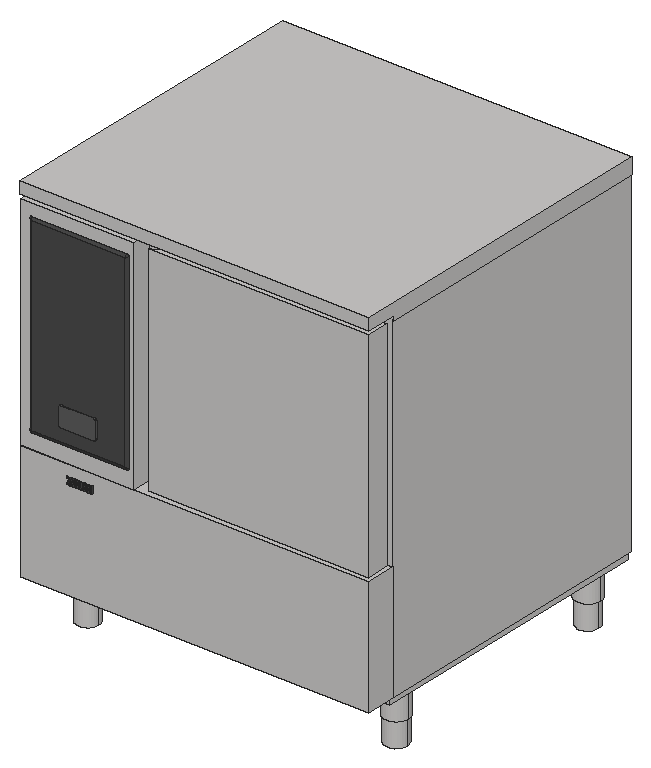
Revit family "QF_ZANUSSI_110544_ZBFA61TE", category Specialty Equipment, Revit 2018 (continued)
Automatic sketch dimensions
  Split face 64 sketch curve to Split face 64 sketch curve = 110.015 mm
  Split face 64 sketch curve to Extrusion 7 = 135.555 mm
  Split face 64 sketch curve to Split face 64 sketch curve = 5.027 mm
  Split face 65 sketch curve to Extrusion 7 = 262.581 mm
  Split face 65 sketch curve to Split face 65 sketch curve = 110.015 mm
  Split face 65 sketch curve to Extrusion 7 = 145.027 mm
  Split face 65 sketch curve to Split face 65 sketch curve = 5.027 mm
  Split face 66 sketch curve to Extrusion 7 = 262.581 mm
  Split face 66 sketch curve to Split face 66 sketch curve = 110.015 mm
  Split face 66 sketch curve to Extrusion 7 = 147.48 mm
  Split face 66 sketch curve to Split face 66 sketch curve = 5.027 mm
  Split face 67 sketch curve to Extrusion 7 = 262.581 mm
  Split face 67 sketch curve to Split face 67 sketch curve = 110.015 mm
  Split face 67 sketch curve to Extrusion 7 = 138.008 mm
  Split face 67 sketch curve to Split face 67 sketch curve = 5.027 mm
  Split face 68 sketch curve to Extrusion 7 = 128.536 mm
  Split face 68 sketch curve to Extrusion 7 = 262.581 mm
  Split face 68 sketch curve to Split face 68 sketch curve = 110.015 mm
  Split face 68 sketch curve to Split face 68 sketch curve = 5.027 mm
  Split face 69 sketch curve to Extrusion 7 = 119.064 mm
  Split face 69 sketch curve to Extrusion 7 = 262.581 mm
  Split face 69 sketch curve to Split face 69 sketch curve = 110.015 mm
  Split face 69 sketch curve to Split face 69 sketch curve = 5.027 mm
  Split face 70 sketch curve to Extrusion 7 = 109.592 mm
  Split face 70 sketch curve to Extrusion 7 = 262.581 mm
  Split face 70 sketch curve to Split face 70 sketch curve = 110.015 mm
  Split face 70 sketch curve to Split face 70 sketch curve = 5.027 mm
  Split face 71 sketch curve to Extrusion 7 = 100.119 mm
  Split face 71 sketch curve to Extrusion 7 = 262.581 mm
  Split face 71 sketch curve to Split face 71 sketch curve = 110.015 mm
  Split face 71 sketch curve to Split face 71 sketch curve = 5.027 mm
  Split face 72 sketch curve to Extrusion 7 = 90.647 mm
  Split face 72 sketch curve to Extrusion 7 = 262.581 mm
  Split face 72 sketch curve to Split face 72 sketch curve = 110.015 mm
  Split face 72 sketch curve to Split face 72 sketch curve = 5.027 mm
  Split face 73 sketch curve to Extrusion 7 = 81.175 mm
  Split face 73 sketch curve to Extrusion 7 = 262.581 mm
  Split face 73 sketch curve to Split face 73 sketch curve = 110.015 mm
  Split face 73 sketch curve to Split face 73 sketch curve = 5.027 mm
  Split face 74 sketch curve to Extrusion 7 = 71.703 mm
  Split face 74 sketch curve to Extrusion 7 = 262.581 mm
  Split face 74 sketch curve to Split face 74 sketch curve = 110.015 mm
  Split face 74 sketch curve to Split face 74 sketch curve = 5.027 mm
  Split face 75 sketch curve to Extrusion 7 = 62.231 mm
  Split face 75 sketch curve to Extrusion 7 = 262.581 mm
  Split face 75 sketch curve to Split face 75 sketch curve = 110.015 mm
  Split face 75 sketch curve to Split face 75 sketch curve = 5.027 mm
  Split face 76 sketch curve to Extrusion 7 = 52.758 mm
  Split face 76 sketch curve to Extrusion 7 = 262.581 mm
  Split face 76 sketch curve to Extrusion 7 = 47.731 mm
  Split face 76 sketch curve to Split face 76 sketch curve = 110.015 mm
  Split face 77 sketch curve to Extrusion 7 = 43.286 mm
  Split face 77 sketch curve to Extrusion 7 = 262.581 mm
  Split face 77 sketch curve to Extrusion 7 = 38.259 mm
  Split face 77 sketch curve to Split face 77 sketch curve = 110.015 mm
  Split face 78 sketch curve to Extrusion 7 = 33.814 mm
  Split face 78 sketch curve to Extrusion 7 = 262.581 mm
  Split face 78 sketch curve to Extrusion 7 = 28.787 mm
  Split face 78 sketch curve to Split face 78 sketch curve = 110.015 mm
  Split face 79 sketch curve to Extrusion 7 = 31.361 mm
  Split face 79 sketch curve to Extrusion 7 = 147.565 mm
  Split face 79 sketch curve to Extrusion 7 = 36.388 mm
  Split face 79 sketch curve to Split face 79 sketch curve = 110.015 mm
  Split face 80 sketch curve to Extrusion 7 = 40.833 mm
  Split face 80 sketch curve to Extrusion 7 = 147.565 mm
  Split face 80 sketch curve to Extrusion 7 = 45.86 mm
  Split face 80 sketch curve to Split face 80 sketch curve = 110.015 mm
  Split face 81 sketch curve to Extrusion 7 = 50.305 mm
  Split face 81 sketch curve to Extrusion 7 = 147.565 mm
  Split face 81 sketch curve to Split face 81 sketch curve = 110.015 mm
  Split face 81 sketch curve to Split face 81 sketch curve = 5.027 mm
  Split face 82 sketch curve to Extrusion 7 = 59.777 mm
  Split face 82 sketch curve to Extrusion 7 = 147.565 mm
  Split face 82 sketch curve to Split face 82 sketch curve = 110.015 mm
  Split face 82 sketch curve to Split face 82 sketch curve = 5.027 mm
  Split face 83 sketch curve to Extrusion 7 = 69.25 mm
  Split face 83 sketch curve to Extrusion 7 = 147.565 mm
  Split face 83 sketch curve to Split face 83 sketch curve = 110.015 mm
  Split face 83 sketch curve to Split face 83 sketch curve = 5.027 mm
  Split face 84 sketch curve to Extrusion 7 = 147.565 mm
  Split face 84 sketch curve to Split face 84 sketch curve = 110.015 mm
  Split face 84 sketch curve to Extrusion 7 = 78.722 mm
  Split face 84 sketch curve to Split face 84 sketch curve = 5.027 mm
  Split face 85 sketch curve to Extrusion 7 = 147.565 mm
  Split face 85 sketch curve to Split face 85 sketch curve = 110.015 mm
  Split face 85 sketch curve to Extrusion 7 = 88.194 mm
  Split face 85 sketch curve to Split face 85 sketch curve = 5.027 mm
  Split face 86 sketch curve to Extrusion 7 = 147.565 mm
  Split face 86 sketch curve to Split face 86 sketch curve = 110.015 mm
  Split face 86 sketch curve to Extrusion 7 = 97.666 mm
  Split face 86 sketch curve to Split face 86 sketch curve = 5.027 mm
  Split face 87 sketch curve to Extrusion 7 = 147.565 mm
  Split face 87 sketch curve to Split face 87 sketch curve = 110.015 mm
  Split face 87 sketch curve to Extrusion 7 = 107.138 mm
  Split face 87 sketch curve to Split face 87 sketch curve = 5.027 mm
  Split face 88 sketch curve to Extrusion 7 = 147.565 mm
  Split face 88 sketch curve to Split face 88 sketch curve = 110.015 mm
  Split face 88 sketch curve to Extrusion 7 = 116.611 mm
  Split face 88 sketch curve to Split face 88 sketch curve = 5.027 mm
  Split face 89 sketch curve to Extrusion 7 = 147.565 mm
  Split face 89 sketch curve to Split face 89 sketch curve = 110.015 mm
  Split face 89 sketch curve to Extrusion 7 = 126.083 mm
  Split face 89 sketch curve to Split face 89 sketch curve = 5.027 mm
  Split face 90 sketch curve to Extrusion 7 = 147.565 mm
  Split face 90 sketch curve to Split face 90 sketch curve = 110.015 mm
  Split face 90 sketch curve to Extrusion 7 = 135.555 mm
  Split face 90 sketch curve to Split face 90 sketch curve = 5.027 mm
  Split face 91 sketch curve to Extrusion 7 = 147.565 mm
  Split face 91 sketch curve to Split face 91 sketch curve = 110.015 mm
  Split face 91 sketch curve to Extrusion 7 = 145.027 mm
  Split face 91 sketch curve to Split face 91 sketch curve = 5.027 mm
  Split face 92 sketch curve to Extrusion 7 = 147.565 mm
  Split face 92 sketch curve to Split face 92 sketch curve = 110.015 mm
  Split face 92 sketch curve to Extrusion 7 = 147.48 mm
  Split face 92 sketch curve to Split face 92 sketch curve = 5.027 mm
  Split face 93 sketch curve to Extrusion 7 = 147.565 mm
  Split face 93 sketch curve to Split face 93 sketch curve = 110.015 mm
  Split face 93 sketch curve to Extrusion 7 = 138.008 mm
  Split face 93 sketch curve to Split face 93 sketch curve = 5.027 mm
  Split face 94 sketch curve to Extrusion 7 = 147.565 mm
  Split face 94 sketch curve to Split face 94 sketch curve = 110.015 mm
  Split face 94 sketch curve to Extrusion 7 = 128.536 mm
  Split face 94 sketch curve to Split face 94 sketch curve = 5.027 mm
  Split face 95 sketch curve to Extrusion 7 = 147.565 mm
  Split face 95 sketch curve to Split face 95 sketch curve = 110.015 mm
  Split face 95 sketch curve to Extrusion 7 = 119.064 mm
  Split face 95 sketch curve to Split face 95 sketch curve = 5.027 mm
  Split face 96 sketch curve to Extrusion 7 = 147.565 mm
  Split face 96 sketch curve to Split face 96 sketch curve = 110.015 mm
  Split face 96 sketch curve to Extrusion 7 = 109.592 mm
  Split face 96 sketch curve to Split face 96 sketch curve = 5.027 mm
  Split face 97 sketch curve to Extrusion 7 = 147.565 mm
  Split face 97 sketch curve to Split face 97 sketch curve = 110.015 mm
  Split face 97 sketch curve to Extrusion 7 = 100.119 mm
  Split face 97 sketch curve to Split face 97 sketch curve = 5.027 mm
  Split face 98 sketch curve to Extrusion 7 = 147.565 mm
  Split face 98 sketch curve to Split face 98 sketch curve = 110.015 mm
  Split face 98 sketch curve to Extrusion 7 = 90.647 mm
  Split face 98 sketch curve to Split face 98 sketch curve = 5.027 mm
  Split face 99 sketch curve to Extrusion 7 = 147.565 mm
  Split face 99 sketch curve to Split face 99 sketch curve = 110.015 mm
  Split face 99 sketch curve to Extrusion 7 = 81.175 mm
  Split face 99 sketch curve to Split face 99 sketch curve = 5.027 mm
  Split face 100 sketch curve to Extrusion 7 = 71.703 mm
  Split face 100 sketch curve to Extrusion 7 = 147.565 mm
  Split face 100 sketch curve to Split face 100 sketch curve = 110.015 mm
  Split face 100 sketch curve to Split face 100 sketch curve = 5.027 mm
  Split face 101 sketch curve to Extrusion 7 = 62.231 mm
  Split face 101 sketch curve to Extrusion 7 = 147.565 mm
  Split face 101 sketch curve to Split face 101 sketch curve = 110.015 mm
  Split face 101 sketch curve to Split face 101 sketch curve = 5.027 mm
  Split face 102 sketch curve to Extrusion 7 = 52.758 mm
  Split face 102 sketch curve to Extrusion 7 = 147.565 mm
  Split face 102 sketch curve to Extrusion 7 = 47.731 mm
  Split face 102 sketch curve to Split face 102 sketch curve = 110.015 mm
  Split face 103 sketch curve to Extrusion 7 = 43.286 mm
  Split face 103 sketch curve to Extrusion 7 = 147.565 mm
  Split face 103 sketch curve to Extrusion 7 = 38.259 mm
  Split face 103 sketch curve to Split face 103 sketch curve = 110.015 mm
  Split face 104 sketch curve to Extrusion 7 = 33.814 mm
  Split face 104 sketch curve to Extrusion 7 = 147.565 mm
  Split face 104 sketch curve to Extrusion 7 = 28.787 mm
  Split face 104 sketch curve to Split face 104 sketch curve = 110.015 mm
  Split face 105 sketch curve to Extrusion 7 = 32.55 mm
  Split face 105 sketch curve to Extrusion 7 = 36.388 mm
  Split face 105 sketch curve to Split face 105 sketch curve = 110.015 mm
  Split face 105 sketch curve to Split face 105 sketch curve = 5.027 mm
  Split face 106 sketch curve to Extrusion 7 = 32.55 mm
  Split face 106 sketch curve to Extrusion 7 = 45.86 mm
  Split face 106 sketch curve to Split face 106 sketch curve = 110.015 mm
  Split face 106 sketch curve to Split face 106 sketch curve = 5.027 mm
  Split face 107 sketch curve to Extrusion 7 = 32.55 mm
  Split face 107 sketch curve to Split face 107 sketch curve = 110.015 mm
  Split face 107 sketch curve to Extrusion 7 = 50.305 mm
  Split face 107 sketch curve to Split face 107 sketch curve = 5.027 mm
  Split face 108 sketch curve to Extrusion 7 = 32.55 mm
  Split face 108 sketch curve to Split face 108 sketch curve = 110.015 mm
  Split face 108 sketch curve to Extrusion 7 = 59.777 mm
  Split face 108 sketch curve to Split face 108 sketch curve = 5.027 mm
  Split face 109 sketch curve to Extrusion 7 = 32.55 mm
  Split face 109 sketch curve to Split face 109 sketch curve = 110.015 mm
  Split face 109 sketch curve to Extrusion 7 = 69.25 mm
  Split face 109 sketch curve to Split face 109 sketch curve = 5.027 mm
  Split face 110 sketch curve to Extrusion 7 = 32.55 mm
  Split face 110 sketch curve to Split face 110 sketch curve = 110.015 mm
  Split face 110 sketch curve to Extrusion 7 = 78.722 mm
  Split face 110 sketch curve to Split face 110 sketch curve = 5.027 mm
  Split face 111 sketch curve to Extrusion 7 = 32.55 mm
  Split face 111 sketch curve to Split face 111 sketch curve = 110.015 mm
  Split face 111 sketch curve to Extrusion 7 = 88.194 mm
  Split face 111 sketch curve to Split face 111 sketch curve = 5.027 mm
  Split face 112 sketch curve to Extrusion 7 = 32.55 mm
  Split face 112 sketch curve to Split face 112 sketch curve = 110.015 mm
  Split face 112 sketch curve to Extrusion 7 = 97.666 mm
  Split face 112 sketch curve to Split face 112 sketch curve = 5.027 mm
  Split face 113 sketch curve to Extrusion 7 = 32.55 mm
  Split face 113 sketch curve to Split face 113 sketch curve = 110.015 mm
  Split face 113 sketch curve to Extrusion 7 = 107.138 mm
  Split face 113 sketch curve to Split face 113 sketch curve = 5.027 mm
  Split face 114 sketch curve to Extrusion 7 = 32.55 mm
  Split face 114 sketch curve to Split face 114 sketch curve = 110.015 mm
  Split face 114 sketch curve to Extrusion 7 = 116.611 mm
  Split face 114 sketch curve to Split face 114 sketch curve = 5.027 mm
  Split face 115 sketch curve to Extrusion 7 = 32.55 mm
  Split face 115 sketch curve to Split face 115 sketch curve = 110.015 mm
  Split face 115 sketch curve to Extrusion 7 = 126.083 mm
  Split face 115 sketch curve to Split face 115 sketch curve = 5.027 mm
  Split face 116 sketch curve to Extrusion 7 = 32.55 mm
  Split face 116 sketch curve to Split face 116 sketch curve = 110.015 mm
  Split face 116 sketch curve to Extrusion 7 = 135.555 mm
  Split face 116 sketch curve to Split face 116 sketch curve = 5.027 mm
  Split face 117 sketch curve to Extrusion 7 = 32.55 mm
  Split face 117 sketch curve to Split face 117 sketch curve = 110.015 mm
  Split face 117 sketch curve to Extrusion 7 = 145.027 mm
  Split face 117 sketch curve to Split face 117 sketch curve = 5.027 mm
  Split face 118 sketch curve to Extrusion 7 = 32.55 mm
  Split face 118 sketch curve to Split face 118 sketch curve = 110.015 mm
  Split face 118 sketch curve to Extrusion 7 = 147.48 mm
  Split face 118 sketch curve to Split face 118 sketch curve = 5.027 mm
  Split face 119 sketch curve to Extrusion 7 = 32.55 mm
  Split face 119 sketch curve to Split face 119 sketch curve = 110.015 mm
  Split face 119 sketch curve to Extrusion 7 = 138.008 mm
  Split face 119 sketch curve to Split face 119 sketch curve = 5.027 mm
  Split face 120 sketch curve to Extrusion 7 = 32.55 mm
  Split face 120 sketch curve to Split face 120 sketch curve = 110.015 mm
  Split face 120 sketch curve to Extrusion 7 = 128.536 mm
  Split face 120 sketch curve to Split face 120 sketch curve = 5.027 mm
  Split face 121 sketch curve to Extrusion 7 = 32.55 mm
  Split face 121 sketch curve to Split face 121 sketch curve = 110.015 mm
  Split face 121 sketch curve to Extrusion 7 = 119.064 mm
  Split face 121 sketch curve to Split face 121 sketch curve = 5.027 mm
  Split face 122 sketch curve to Extrusion 7 = 32.55 mm
  Split face 122 sketch curve to Split face 122 sketch curve = 110.015 mm
  Split face 122 sketch curve to Extrusion 7 = 109.592 mm
  Split face 122 sketch curve to Split face 122 sketch curve = 5.027 mm
  Split face 123 sketch curve to Extrusion 7 = 32.55 mm
  Split face 123 sketch curve to Split face 123 sketch curve = 110.015 mm
  Split face 123 sketch curve to Extrusion 7 = 100.119 mm
  Split face 123 sketch curve to Split face 123 sketch curve = 5.027 mm
  Split face 124 sketch curve to Extrusion 7 = 32.55 mm
  Split face 124 sketch curve to Split face 124 sketch curve = 110.015 mm
  Split face 124 sketch curve to Extrusion 7 = 90.647 mm
  Split face 124 sketch curve to Split face 124 sketch curve = 5.027 mm
  Split face 125 sketch curve to Extrusion 7 = 32.55 mm
  Split face 125 sketch curve to Split face 125 sketch curve = 110.015 mm
  Split face 125 sketch curve to Extrusion 7 = 81.175 mm
  Split face 125 sketch curve to Split face 125 sketch curve = 5.027 mm
  Split face 126 sketch curve to Extrusion 7 = 32.55 mm
  Split face 126 sketch curve to Split face 126 sketch curve = 110.015 mm
  Split face 126 sketch curve to Extrusion 7 = 71.703 mm
  Split face 126 sketch curve to Split face 126 sketch curve = 5.027 mm
  Split face 127 sketch curve to Extrusion 7 = 32.55 mm
  Split face 127 sketch curve to Split face 127 sketch curve = 110.015 mm
  Split face 127 sketch curve to Extrusion 7 = 62.231 mm
  Split face 127 sketch curve to Split face 127 sketch curve = 5.027 mm
  Split face 128 sketch curve to Extrusion 7 = 32.55 mm
  Split face 128 sketch curve to Extrusion 7 = 47.731 mm
  Split face 128 sketch curve to Split face 128 sketch curve = 110.015 mm
  Split face 128 sketch curve to Split face 128 sketch curve = 5.027 mm
  Split face 129 sketch curve to Extrusion 7 = 32.55 mm
  Split face 129 sketch curve to Extrusion 7 = 38.259 mm
  Split face 129 sketch curve to Split face 129 sketch curve = 110.015 mm
  Split face 129 sketch curve to Split face 129 sketch curve = 5.027 mm
  Split face 130 sketch curve to Extrusion 7 = 32.55 mm
  Split face 130 sketch curve to Extrusion 7 = 28.787 mm
  Split face 130 sketch curve to Split face 130 sketch curve = 110.015 mm
  Split face 130 sketch curve to Split face 130 sketch curve = 5.027 mm
  Extrusion 11 sketch curve to plane 5 "BACK" = 0 mm  (x2)
  Extrusion 11 sketch curve to plane 15 = 0 mm  (x2)
  Extrusion 11 sketch curve to plane 3 "Center Y" = 141.58 mm
  Extrusion 11 sketch curve to Extrusion 11 sketch curve = 1.631 mm  (x2)
  Extrusion 11 sketch curve to Extrusion 11 sketch curve = 9.723 mm
  plane 10 to Extrusion 11 sketch curve = 80.967 mm
  plane 10 to Extrusion 11 sketch curve = 72.875 mm
  Extrusion 12 sketch curve to plane 7 "FRONT" = 0 mm
  plane 16 to Extrusion 12 sketch curve = 2.5 mm
  plane 8 to Extrusion 12 sketch curve = 332.497 mm
  Extrusion 12 sketch curve to plane 14 = 0.005 mm
  Extrusion 13 sketch curve to plane 7 "FRONT" = 0 mm
  Extrusion 13 sketch curve to plane 6 "RIGHT" = 21.029 mm
  Extrusion 13 sketch curve to plane 12 = 2 mm
  Extrusion 13 sketch curve to plane 3 "Center Y" = 139.7 mm
  plane 7 "FRONT" to Extrusion 13 sketch curve = 16.966 mm
  Extrusion 14 sketch curve to plane 7 "FRONT" = 0 mm
  plane 7 "FRONT" to Extrusion 14 sketch curve = 32.227 mm
  Extrusion 14 sketch curve to plane 3 "Center Y" = 139.7 mm
  Extrusion 14 sketch curve to Extrusion 14 sketch curve = 21.962 mm
  Extrusion 14 sketch curve to Extrusion 14 sketch curve = 23.346 mm
  Extrusion 14 sketch curve to Extrusion 14 sketch curve = 0.039 mm
  plane 7 "FRONT" to Extrusion 14 sketch curve = 16.635 mm
  Extrusion 14 sketch curve to Extrusion 14 sketch curve = 4.321 mm
  plane 16 to Extrusion 15 sketch curve = 2.5 mm
  Extrusion 15 sketch curve to Extrusion 15 sketch curve = 21.962 mm
  Extrusion 15 sketch curve to Extrusion 15 sketch curve = 23.346 mm
  Extrusion 15 sketch curve to Extrusion 15 sketch curve = 0.039 mm
  Extrusion 15 sketch curve to Extrusion 15 sketch curve = 4.321 mm
  plane 6 "RIGHT" to Extrusion 15 sketch curve = 6 mm
  Extrusion 15 sketch curve to Extrusion 15 sketch curve = 16.635 mm
  Extrusion 15 sketch curve to Extrusion 15 sketch curve = 7.197 mm
  curve 15 to plane 7 "FRONT" = 0 mm
  curve 1 to plane 5 "BACK" = 0 mm
  curve 1 to plane 6 "RIGHT" = 0 mm
  curve 17 to plane 7 "FRONT" = 0 mm
  curve 10 to plane 15 = 0 mm
  curve 2 to plane 4 "LEFT" = 0 mm
  curve 14 to plane 6 "RIGHT" = 21.029 mm
  curve 17 to plane 12 = 2 mm
  curve 10 to plane 3 "Center Y" = 151.303 mm
  curve 6 to plane 7 "FRONT" = 5 mm
  curve 6 to plane 3 "Center Y" = 176 mm
  plane 10 to curve 8 = 80.967 mm
  plane 10 to curve 12 = 22.5 mm
  plane 10 to curve 13 = 1.5 mm
  curve 5 to plane 10 = 17.5 mm
  curve 13 to curve 13 = 29 mm
  plane 7 "FRONT" to curve 14 = 16.966 mm
  plane 16 to curve 17 = 2.5 mm
  plane 6 "RIGHT" to curve 15 = 6 mm
  plane 12 to curve 16 = 25.773 mm
  curve 10 to curve 9 = 8.092 mm
  curve 6 to curve 5 = 8 mm
  curve 8 to curve 12 = 50.375 mm
  curve 5 to curve 7 = 8 mm
  plane 16 to curve 15 = 24.462 mm
  plane 12 to curve 18 = 25.773 mm
  curve 19 to curve 19 = 8.395 mm
  plane 16 to curve 18 = 47.808 mm
  curve 19 to curve 19 = 0.039 mm
  curve 19 to curve 19 = 7.197 mm
  plane 16 to curve 18 = 2.5 mm
  plane 6 "RIGHT" to curve 20 = 6 mm
  plane 16 to curve 20 = 24.462 mm
  radius of Extrusion 5 sketch curve = 10.5 mm
  radius of Extrusion 10 sketch curve = 9.5 mm
Nested families
  nested 1: "Foot_Complete" at (-708, -142.149, 0), type "Foot_Complete"
    with H 130 mm
  nested 2: "Foot_Complete" at (85, -142.149, 0), type "Foot_Complete"
    with H 130 mm
  nested 3: "Foot_Complete" at (85, 473.851, 0), type "Foot_Complete"
    with H 130 mm
  nested 4: "Foot_Complete" at (-708, 473.851, 0), type "Foot_Complete"
    with H 130 mm
  nested 5: "ZAN_Logo_XS" at (-606.5, -295.149, 414.9) x (1, 0, 0) z (0, -1, 0), visible <- "Show Logo", type "ZAN_Logo_XS"
  nested 6: "ZAN_Touch" at (-606.5, -295.149, 741.265) x (1, 0, 0) z (0, -1, 0), type "ZAN_Touch"
Connectors
  electrical at (-696, 577.851, 258), driven by "Volts"
    settings: on Extrusion 5, index 5, voltage 380 V, apparent load 0 VA, apparent load phase1 0 VA, apparent load phase2 0 VA, apparent load phase3 0 VA, power factor 1, load classification "Altro", number of poles 1, system type 30, power factor state 1, is connector primary yes, connector utility no, sub classification motor no, connector description "Electrical Connection"
  piping at (-360, 215.851, 98.32), diameter 19
    settings: on cut or joined group of Extrusion 1, Extrusion 3, Extrusion 4, Extrusion 5, Extrusion 8, Extrusion 9, Extrusion 10, Extrusion 11, index 6, connector inside diameter 609.6 mm, connector length 0 mm, flow factor 0, pipe flow 0.0 L/s, pressure drop 0.0 Pa, fitting loss kfactor 0, connector angle 0.00°, fixture units 0, engagement length 0 mm, angle of deflection 0.00°, flow configuration 1, flow direction 2, fitting loss method 0, system type 16, joint type 0, gender type 0, connector reference index -1, connector utility 0, adjustable connector no, is connector primary yes, connector description "Drain"
Definition of nested family "Foot_Complete"
  Parameters
    R = 32 mm
    H = 150 mm
  Reference planes
    plane 1 "Centro (Fronte/Retro)": y = 0
    plane 2: z = 0
    plane 3 "Centro (Sinistra/Destra)": x = 0
    plane 4: z = 150
  Forms (mm)
    Revolve 1, solid
      sketch origin (255.05, 0, 608.09) x (0, 0, 1) y (-1, 0, 0)
        loop
          line (-608.09, 255.05) -> (-608.09, 226.55) -> (-544.09, 226.55) -> (-544.09, 223.05) -> (-458.09, 223.05) -> (-458.09, 255.05) -> (-608.09, 255.05)
        axis (-608.09, 255.05) -> (-458.09, 255.05)
      angle from 0 to 360
  Dimensions and locks
    locked: level to Revolve 1 sketch curve at 64
    "R": Revolve 1 sketch curve to plane 3 "Centro (Sinistra/Destra)"
    "H": plane 4 to level
    aligned and locked: level to plane 2
    aligned and locked: plane 4 to Revolve 1 sketch curve
    aligned and locked: Revolve 1 sketch curve to level
    aligned and locked: plane 3 "Centro (Sinistra/Destra)" to Revolve 1 sketch curve
  Automatic sketch dimensions
    Revolve 1 sketch curve to plane 3 "Centro (Sinistra/Destra)" = 0 mm
    plane 3 "Centro (Sinistra/Destra)" to Revolve 1 sketch curve = 28.5 mm
    Revolve 1 sketch curve to Revolve 1 sketch curve = 50 mm
    Revolve 1 sketch curve to Revolve 1 sketch curve = 20 mm
Definition of nested family "ZAN_Logo_XS"
  Parameters
    Default Elevation = 0 mm
    M [instance] = none
  Reference planes
    plane 1 "Centro (Fronte/Retro)": y = 0
    plane 2: z = 0
    plane 3 "Centro (Sinistra/Destra)": x = 0
  Forms (mm)
    Extrusion 1, solid
      sketch origin (0, 0, 0) x (1, 0, 0) y (0, 1, 0)
        loop
          line (-1219.2, 1219.2) -> (-1219.2, -1219.2) -> (1219.2, -1219.2) -> (1219.2, 1219.2) -> (-1219.2, 1219.2)
      from 0 to -304.8
    Extrusion 2, solid, material <- "M"
      sketch origin (17.793, -46.218, 0) x (-1, 0, 0) y (0, -1, 0)
        loop
          spline (1.911, -54.793) -> (2.402, -54.973) -> (2.91, -55.105) -> (3.43, -55.191) -> (3.955, -55.229) -> (4.482, -55.219) -> (5.006, -55.161) -> (5.521, -55.054) -> (6.022, -54.898) -> (6.506, -54.693) -> (6.966, -54.438) -> (7.398, -54.133) -> (7.797, -53.778)
          spline (7.797, -53.778) -> (8.033, -53.407) -> (8.237, -53.008) -> (8.407, -52.586) -> (8.544, -52.147) -> (8.65, -51.697) -> (8.723, -51.241) -> (8.764, -50.785) -> (8.774, -50.335) -> (8.753, -49.897) -> (8.701, -49.475) -> (8.619, -49.075) -> (8.507, -48.704)
          line (8.507, -48.704) -> (6.883, -46.37) -> (5.158, -44.848) -> (3.027, -42.716)
          spline (3.027, -42.716) -> (3.002, -42.56) -> (2.979, -42.398) -> (2.962, -42.23) -> (2.952, -42.059) -> (2.951, -41.886) -> (2.963, -41.714) -> (2.99, -41.545) -> (3.034, -41.378) -> (3.098, -41.218) -> (3.184, -41.065) -> (3.295, -40.921) -> (3.433, -40.788)
          line (3.433, -40.788) -> (4.752, -40.687)
          spline (4.752, -40.687) -> (4.999, -40.855) -> (5.185, -41.053) -> (5.32, -41.275) -> (5.41, -41.518) -> (5.463, -41.775) -> (5.488, -42.044) -> (5.491, -42.319) -> (5.481, -42.596) -> (5.466, -42.87) -> (5.452, -43.137) -> (5.448, -43.392) -> (5.462, -43.63)
          line (5.462, -43.63) -> (9.014, -43.63)
          spline (9.014, -43.63) -> (9.056, -43.199) -> (9.08, -42.769) -> (9.084, -42.342) -> (9.067, -41.92) -> (9.027, -41.503) -> (8.964, -41.093) -> (8.875, -40.691) -> (8.759, -40.3) -> (8.615, -39.919) -> (8.441, -39.552) -> (8.237, -39.198) -> (7.999, -38.86)
          spline (7.999, -38.86) -> (7.708, -38.596) -> (7.394, -38.361) -> (7.059, -38.155) -> (6.707, -37.977) -> (6.338, -37.828) -> (5.957, -37.706) -> (5.565, -37.612) -> (5.165, -37.545) -> (4.76, -37.504) -> (4.351, -37.491) -> (3.942, -37.503) -> (3.534, -37.541)
          spline (3.534, -37.541) -> (3.104, -37.608) -> (2.677, -37.709) -> (2.258, -37.842) -> (1.85, -38.007) -> (1.459, -38.203) -> (1.086, -38.429) -> (0.737, -38.685) -> (0.415, -38.969) -> (0.123, -39.282) -> (-0.133, -39.622) -> (-0.35, -39.989) -> (-0.525, -40.383)
          spline (-0.525, -40.383) -> (-0.633, -40.866) -> (-0.704, -41.352) -> (-0.738, -41.837) -> (-0.736, -42.318) -> (-0.698, -42.794) -> (-0.627, -43.262) -> (-0.521, -43.719) -> (-0.382, -44.164) -> (-0.211, -44.592) -> (-0.008, -45.003) -> (0.226, -45.394) -> (0.49, -45.761)
          line (0.49, -45.761) -> (4.549, -49.414) -> (5.056, -50.023) -> (5.259, -51.647) -> (4.042, -52.256) -> (3.027, -51.546) -> (2.925, -49.414) -> (-0.424, -49.414) -> (-0.22, -52.865)
          spline (-0.22, -52.865) -> (-0.13, -53.068) -> (-0.013, -53.268) -> (0.127, -53.466) -> (0.287, -53.658) -> (0.464, -53.843) -> (0.655, -54.019) -> (0.856, -54.185) -> (1.065, -54.338) -> (1.278, -54.478) -> (1.492, -54.601) -> (1.704, -54.707) -> (1.911, -54.793)
        loop
          spline (-10.267, -52.966) -> (-9.987, -53.421) -> (-9.658, -53.822) -> (-9.284, -54.17) -> (-8.873, -54.466) -> (-8.429, -54.711) -> (-7.959, -54.907) -> (-7.467, -55.054) -> (-6.96, -55.154) -> (-6.443, -55.207) -> (-5.922, -55.214) -> (-5.402, -55.178) -> (-4.889, -55.098)
          spline (-4.889, -55.098) -> (-4.532, -55.03) -> (-4.176, -54.93) -> (-3.825, -54.799) -> (-3.483, -54.639) -> (-3.156, -54.45) -> (-2.847, -54.235) -> (-2.561, -53.994) -> (-2.303, -53.729) -> (-2.077, -53.442) -> (-1.889, -53.134) -> (-1.742, -52.805) -> (-1.641, -52.459)
          spline (-1.641, -52.459) -> (-1.485, -51.997) -> (-1.371, -51.525) -> (-1.299, -51.049) -> (-1.269, -50.572) -> (-1.282, -50.098) -> (-1.337, -49.63) -> (-1.434, -49.173) -> (-1.574, -48.73) -> (-1.756, -48.306) -> (-1.98, -47.904) -> (-2.246, -47.528) -> (-2.555, -47.182)
          line (-2.555, -47.182) -> (-6.31, -43.833) -> (-7.121, -42.615)
          spline (-7.121, -42.615) -> (-7.146, -42.461) -> (-7.169, -42.304) -> (-7.188, -42.144) -> (-7.2, -41.984) -> (-7.204, -41.823) -> (-7.198, -41.664) -> (-7.178, -41.506) -> (-7.144, -41.352) -> (-7.093, -41.202) -> (-7.023, -41.058) -> (-6.932, -40.919) -> (-6.817, -40.788)
          line (-6.817, -40.788) -> (-5.802, -40.585)
          spline (-5.802, -40.585) -> (-5.443, -40.671) -> (-5.17, -40.818) -> (-4.971, -41.02) -> (-4.836, -41.266) -> (-4.753, -41.547) -> (-4.711, -41.854) -> (-4.699, -42.178) -> (-4.705, -42.51) -> (-4.718, -42.84) -> (-4.726, -43.16) -> (-4.719, -43.46) -> (-4.686, -43.731)
          line (-4.686, -43.731) -> (-1.134, -43.63)
          spline (-1.134, -43.63) -> (-1.09, -43.193) -> (-1.063, -42.747) -> (-1.055, -42.296) -> (-1.07, -41.845) -> (-1.112, -41.396) -> (-1.185, -40.953) -> (-1.291, -40.522) -> (-1.435, -40.104) -> (-1.619, -39.705) -> (-1.848, -39.329) -> (-2.125, -38.978) -> (-2.453, -38.657)
          spline (-2.453, -38.657) -> (-2.873, -38.351) -> (-3.319, -38.09) -> (-3.785, -37.876) -> (-4.269, -37.706) -> (-4.765, -37.582) -> (-5.269, -37.503) -> (-5.778, -37.468) -> (-6.287, -37.477) -> (-6.792, -37.53) -> (-7.288, -37.626) -> (-7.771, -37.765) -> (-8.238, -37.947)
          spline (-8.238, -37.947) -> (-8.443, -38.033) -> (-8.65, -38.14) -> (-8.858, -38.264) -> (-9.065, -38.405) -> (-9.269, -38.562) -> (-9.468, -38.733) -> (-9.661, -38.917) -> (-9.846, -39.112) -> (-10.022, -39.317) -> (-10.185, -39.53) -> (-10.335, -39.751) -> (-10.47, -39.977)
          spline (-10.47, -39.977) -> (-10.65, -40.464) -> (-10.783, -40.962) -> (-10.87, -41.467) -> (-10.91, -41.976) -> (-10.904, -42.487) -> (-10.851, -42.996) -> (-10.752, -43.501) -> (-10.606, -43.998) -> (-10.413, -44.486) -> (-10.174, -44.961) -> (-9.889, -45.421) -> (-9.557, -45.863)
          line (-9.557, -45.863) -> (-5.295, -49.719) -> (-4.787, -51.038) -> (-5.193, -52.053) -> (-6.107, -52.256) -> (-7.121, -51.546) -> (-7.223, -49.516) -> (-10.673, -49.414)
          spline (-10.673, -49.414) -> (-10.656, -49.721) -> (-10.65, -50.03) -> (-10.653, -50.341) -> (-10.658, -50.651) -> (-10.662, -50.96) -> (-10.661, -51.267) -> (-10.648, -51.569) -> (-10.621, -51.865) -> (-10.573, -52.154) -> (-10.502, -52.435) -> (-10.401, -52.706) -> (-10.267, -52.966)
        loop
          line (-11.282, -37.541) -> (-14.834, -37.541) -> (-14.834, -54.894) -> (-11.282, -54.894) -> (-11.282, -37.541)
        loop
          line (15.205, -41.702) -> (15.205, -54.894) -> (18.757, -54.894) -> (18.757, -43.224) -> (18.554, -40.383)
          arc (18.554, -40.383) -> (17.093, -38.328) -> (14.698, -37.541) r 4.037
          line (14.698, -37.541) -> (13.074, -37.541) -> (12.262, -37.744)
          arc (12.262, -37.744) -> (10.306, -39.004) -> (9.522, -41.194) r 3.619
          line (9.522, -41.194) -> (9.522, -54.894) -> (13.074, -54.894) -> (13.074, -42.006) -> (13.479, -41.093) -> (14.596, -40.991) -> (15.205, -41.702)
        loop
          line (19.569, -54.894) -> (22.816, -54.894) -> (22.816, -43.833) -> (25.759, -54.894) -> (29.514, -54.894) -> (29.514, -37.541) -> (26.368, -37.541) -> (26.368, -49.008) -> (23.425, -37.541) -> (19.569, -37.541) -> (19.569, -54.894)
        loop
          line (41.184, -54.894) -> (50.013, -54.894) -> (50.013, -51.647) -> (45.345, -51.749) -> (50.419, -41.093) -> (50.419, -37.541) -> (41.184, -37.541) -> (41.184, -41.093) -> (46.511, -41.093) -> (41.184, -51.952) -> (41.184, -54.894)
        loop
          line (32.964, -54.894) -> (37.835, -54.894) -> (40.981, -37.541) -> (37.328, -37.541) -> (36.821, -40.89) -> (33.878, -40.89) -> (33.37, -37.541) -> (29.717, -37.541) -> (32.964, -54.894)
        loop
          line (36.415, -44.036) -> (34.385, -44.036) -> (35.4, -51.928) -> (36.415, -44.036)
      from 0 to 1.644
  Dimensions and locks
    aligned and locked: plane 2 to Extrusion 1
    aligned and locked: level to Extrusion 1
Definition of nested family "ZAN_Touch"
  Parameters
    Default Elevation = 1219.2 mm
  Reference planes
    plane 1 "Centro (Fronte/Retro)": y = 0
    plane 2: z = 0
    plane 3 "Centro (Sinistra/Destra)": x = 0
  Forms (mm)
    Extrusion 1, solid
      sketch origin (0, 0, 0) x (1, 0, 0) y (0, 1, 0)
        loop
          line (-1219.2, 1219.2) -> (-1219.2, -1219.2) -> (1219.2, -1219.2) -> (1219.2, 1219.2) -> (-1219.2, 1219.2)
      from 0 to -304.8
    Extrusion 2, solid
      sketch origin (0, 0, 5) x (1, 0, 0) y (0, 1, 0)
        loop
          line (-47, -160) -> (-47, -202)
          arc (-47, -202) -> (-45.536, -205.535) -> (-42, -207) r 5
          line (-42, -207) -> (42, -207)
          arc (42, -207) -> (45.536, -205.535) -> (47, -202) r 5
          line (47, -202) -> (47, -160)
          arc (47, -160) -> (45.536, -156.465) -> (42, -155) r 5
          line (42, -155) -> (-42, -155)
          arc (-42, -155) -> (-45.536, -156.465) -> (-47, -160) r 5
      from 0 to 2
    Blend 3, solid
      base sketch origin (0, 0, 0) x (1, 0, 0) y (0, 1, 0)
        loop
          line (-127, 244) -> (-127, -244)
          arc (-127, -244) -> (-125.536, -247.536) -> (-122, -249) r 5
          line (-122, -249) -> (122, -249)
          arc (122, -249) -> (125.536, -247.536) -> (127, -244) r 5
          line (127, -244) -> (127, 244)
          arc (127, 244) -> (125.536, 247.536) -> (122, 249) r 5
          line (122, 249) -> (-122, 249)
          arc (-122, 249) -> (-125.536, 247.536) -> (-127, 244) r 5
      top sketch origin (0, 0, 0) x (1, 0, 0) y (0, 1, 0)
        loop
          line (-119, -241) -> (119, -241) -> (119, 241) -> (-119, 241) -> (-119, -241)
      from 0 to 5
  Lines and regions (mm)
    Split face 1
      outline origin (0, 0, 5) x (1, 0, 0) y (0, 1, 0)
        loop
          line (-70.506, 46.167) -> (70.506, 46.167) -> (70.506, 214.829) -> (-70.506, 214.829) -> (-70.506, 46.167)
    Split face 2
      outline origin (0, 0, 5) x (1, 0, 0) y (0, 1, 0)
        loop
          line (-47.467, 50.825) -> (47.467, 50.825) -> (47.467, 210.171) -> (-47.467, 210.171) -> (-47.467, 50.825)
    Split face 3
      outline origin (0, 0, 5) x (1, 0, 0) y (0, 1, 0)
        loop
          line (116.89, 241) -> (114.093, 80.78)
          arc (114.093, 80.78) -> (111.629, 50.696) -> (105.329, 21.176) r 235
          arc (105.329, 21.176) -> (102.404, 0) -> (105.329, -21.176) r 78.117
          arc (105.329, -21.176) -> (111.629, -50.696) -> (114.093, -80.78) r 235
          line (114.093, -80.78) -> (116.89, -241)
  Dimensions and locks
    aligned and locked: plane 2 to Extrusion 1
    aligned and locked: level to Extrusion 1
